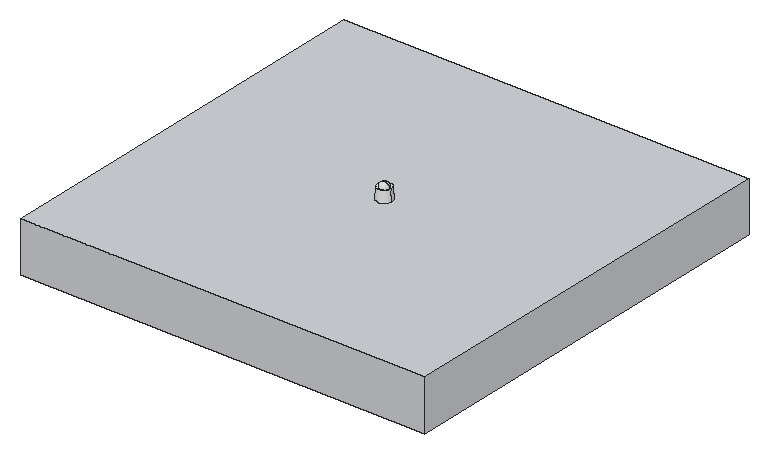
Revit family "Legrand_Gestion_eclairage_Detect_mvt_autonome_360D_Orientable_Mur", category Dispositifs d'éclairage, Revit 2020
Family settings
  Hôte = Face
  Conserver l'orientation des annotations = Oui
  Cote de connecteur circulaire = Utiliser le diamètre
  Type d'élément = Normal
  Couper avec des vides une fois chargée = Non
  Partagée = Non
  Point de calcul de pièce = Non
Parameters
  Zone de detection [instance] = no
  URL = "http://www.legrandoc.com/048898"
  Télécommandable = "non"
  Type de tension = "AC"
  Tension nominale (V) = "230"
  Température (MIN) (°C) = 0
  Température (MAX) (°C) = 55
  Sensibilité réglable = "non"
  Sensibilité lumineuse réglable = "oui"
  Sensibilité lumineuse (MIN) (lx) = 10
  Sensibilité lumineuse (MAX) (lx) = 4000
  Réglage de lumière constante = "oui"
  Product ID = "048898"
  Numéro RAL = "9016"
  Mode de montage = "apparent"
  Indication distance [instance] = 12 mm
  Image du type = PH3.jpg
  Hauteur maxi de montage (m) = "4"
  Gestion alarme = "non"
  Gestion CVC = "non"
  Fréquence (MIN) (Hz) = 50
  Fréquence (MAX) (Hz) = 60
  Fonction variateur intégrée = "non"
  Fabricant = "LEGRAND"
  Exécution = "détecteur de mouvement"
  Etiquette [instance] = no
  Entrée secondaire = "non"
  Elévation par défaut = 2500 mm
  ETIM-5.0 Class = "EC000133"
  Durée d'enclenchement min (s) = "12"
  Durée d'enclenchement max (mn) = "16"
  Description = "PIR INTER DETECT.SAILLIE PACK"
  Courant de démarrage max (A) = "4.2"
  Coupure forcée = "non"
  Couleur = "Blanc"
  Condition Générale d'Utilisation = "https://export.legrand.com/CGU-objets-BIM"
  Code d'assemblage = "D5010200"
  Classe de protection (IP) = "IP55"
  Capacité de coupure max (W) = 1000
  Angle de détection horizontal (MIN) (°) = 0
  Angle de détection horizontal (MAX) (°) = 360
  Adapté pour transmission sans fil = "non"
Reference planes
  plane 1 "Centre (avant/arrière)": y = 0
  plane 2: z = 0
  plane 3 "Centre (gauche/droite)": x = 0
Forms (mm)
  Extrusion 1, solid
    sketch origin (0, 0, 0) x (1, 0, 0) y (0, 1, 0)
      loop
        line (-1219.2, 1219.2) -> (-1219.2, -1219.2) -> (1219.2, -1219.2) -> (1219.2, 1219.2) -> (-1219.2, 1219.2)
    from 0 to -304.8
Dimensions and locks
  aligned and locked: plane 2 to Extrusion 1
  aligned and locked: level to Extrusion 1
  aligned and locked: nested 1 to plane 2
  aligned and locked: plane 3 "Centre (gauche/droite)" to nested 1
  aligned and locked: plane 1 "Centre (avant/arrière)" to nested 1
Nested families
  nested 1: "048898" at (0, 0, 0), type "048898"
  nested 2: "Symbole D" at (0, 0, 0), type "Symbole D"
  nested 3: "Zone de detection 12mx6m- plan" at (0, 0, 0) x (0, 0, 1) z (0, -1, 0), visible <- "Zone de detection", type "Zone de detection 12mx6m- plan"
  nested 4: "Détection 90°" at (0, 213.614, 0), visible <- "Etiquette", Indication distance <- "Indication distance", type "Détection 90°"
    with Indication distance 12 mm
Connectors
  electrical at (0, 0, 0)
    settings: on nested 1, index 1, voltage 230 V, apparent load 0 VA, apparent load phase1 0 VA, apparent load phase2 0 VA, apparent load phase3 0 VA, power factor 1, load classification "Autre", number of poles 1, system type 31, power factor state 1, is connector primary yes, connector utility no, sub classification motor no, connector description ""
Definition of nested family "048898"
  Parameters (values of type "048898")
    Default Elevation = 0 mm
  Reference planes
    plane 1 "Centre (avant/arrière)": y = 0
    plane 2: z = 0
    plane 3 "Centre (gauche/droite)": x = 0
  Forms (mm)
    Revolve 1, solid
      sketch origin (0, 0, 0) x (-1, 0, 0) y (0, 0, -1)
        loop
          line (0, 0) -> (0, -65.2) -> (41, -65.2)
          arc (41, -65.2) -> (43.378, -32.633) -> (44.526, 0) r 865.317
          line (44.526, 0) -> (0, 0)
        axis (0, 0) -> (0, -65.2)
      angle from 0 to 360
    Revolve 2, solid
      sketch origin (0, 0, 0) x (-1, 0, 0) y (0, 0, -1)
        loop
          arc (0, -91.691) -> (18.988, -83.722) -> (27.988, -65.2) r 29.184
          line (27.988, -65.2) -> (0, -65.2) -> (0, -91.691)
        axis (0, -65.2) -> (0, -91.691)
      angle from 0 to 360
  Dimensions and locks
    aligned and locked: level to plane 2
Definition of nested family "Symbole D"
  Reference planes
    plane 1: y = 0
    plane 2: x = 0
  Lines and regions (mm)
    detail lines
      curve 1: spline (0.481, 2.356, 0) -> (0.429, 2.16, 0) -> (0.363, 1.989, 0) -> (0.285, 1.851, 0) -> (0.199, 1.748, 0) -> (0.106, 1.685, 0) -> (0.01, 1.664, 0) -> (-0.085, 1.685, 0) -> (-0.178, 1.748, 0) -> (-0.264, 1.851, 0) -> (-0.342, 1.989, 0) -> (-0.408, 2.16, 0) -> (-0.46, 2.356, 0)
      curve 2: arc (0.821, 3.072, 0) -> (-0.004, 3.293, 0) -> (-0.828, 3.072, 0) r 1.643
      curve 3: arc (-0.64, 2.774, 0) -> (0.004, 2.96, 0) -> (0.648, 2.774, 0) r 1.213
      curve 4: arc (-1.023, 3.436, 0) -> (0.005, 3.717, 0) -> (1.032, 3.436, 0) r 2.018
      curve 5: line (-1.042, 0.262, 0) -> (1.042, 0.262, 0)
      curve 6: arc (-0.945, 0.262, 0) -> (0, 1.008, 0) -> (0.945, 0.262, 0) r 0.972
      curve 7: line (-1.042, 0.262, 0) -> (-1.042, 0, 0)
      curve 8: line (-1.042, 0, 0) -> (1.042, 0, 0)
      curve 9: line (1.042, 0, 0) -> (1.042, 0.262, 0)
  Text (mm)
    text "IR" at (0.939, 0.64, 0)
  Dimensions and locks
    aligned and locked: plane 2 to curve 6
    aligned and locked: plane 1 to curve 8
Definition of nested family "Zone de detection 12mx6m- plan"
  Reference planes
    plane 1 "Centre (avant/arrière)": y = 0
    plane 2: z = 0
    plane 3 "Centre (gauche/droite)": x = 0
  Lines and regions (mm)
    detail lines, in view "Niveau de réf."
      curve 1: line (400, 0, 0) -> (2927.2, 2527.2, 0)
      curve 2: arc (2927.2, 2527.2, 0) -> (3011.608, 2592.038, 0) -> (3109.879, 2632.924, 0) r 409.342
      curve 3: arc (3109.879, 2632.924, 0) -> (4275.757, 2838.269, 0) -> (5456.789, 2919.538, 0) r 11211.689
      curve 4: arc (5456.789, 2919.538, 0) -> (6881.971, 2880.816, 0) -> (8298.546, 2719.687, 0) r 16564.66
      curve 5: arc (8298.546, 2719.687, 0) -> (9437.453, 2438.06, 0) -> (10511.252, 1965.428, 0) r 6820.825
      curve 6: arc (10511.252, 1965.428, 0) -> (11180.294, 1500.429, 0) -> (11735.755, 904.355, 0) r 3827.527
      curve 7: arc (11735.755, 904.355, 0) -> (11907.434, 478.025, 0) -> (11969.614, 22.653, 0) r 1864.588
      curve 8: line (3420, 2700, 0) -> (4225.336, 2208.559, 0)
      curve 9: arc (4225.336, 2208.559, 0) -> (4443.408, 1842.418, 0) -> (4602.014, 1446.869, 0) r 2737.64
      curve 10: arc (4602.014, 1446.869, 0) -> (4685.247, 1148.49, 0) -> (4749.59, 845.475, 0) r 4933.384
      curve 11: arc (4749.59, 845.475, 0) -> (4786.235, 599.45, 0) -> (4808.074, 351.671, 0) r 4149.842
      curve 12: arc (4808.074, 351.671, 0) -> (4816.531, 175.902, 0) -> (4821.522, 0, 0) r 8925.951
      curve 13: line (400, 0, 0) -> (2927.2, -2527.2, 0)
      curve 14: arc (2927.2, -2527.2, 0) -> (3011.608, -2592.038, 0) -> (3109.879, -2632.924, 0) r 409.342
      curve 15: arc (3109.879, -2632.924, 0) -> (4275.757, -2838.269, 0) -> (5456.789, -2919.538, 0) r 11211.689
      curve 16: arc (5456.789, -2919.538, 0) -> (6881.971, -2880.816, 0) -> (8298.546, -2719.687, 0) r 16564.66
      curve 17: arc (8298.546, -2719.687, 0) -> (9437.453, -2438.06, 0) -> (10511.252, -1965.428, 0) r 6820.825
      curve 18: arc (10511.252, -1965.428, 0) -> (11180.294, -1500.429, 0) -> (11735.755, -904.355, 0) r 3827.527
      curve 19: arc (11735.755, -904.355, 0) -> (11913.109, -456.094, 0) -> (11969.614, 22.653, 0) r 1864.588
      curve 20: line (3420, -2700, 0) -> (4225.336, -2208.559, 0)
      curve 21: arc (4225.336, -2208.559, 0) -> (4443.408, -1842.418, 0) -> (4602.014, -1446.869, 0) r 2737.64
      curve 22: arc (4602.014, -1446.869, 0) -> (4685.247, -1148.49, 0) -> (4749.59, -845.475, 0) r 4933.384
      curve 23: arc (4749.59, -845.475, 0) -> (4786.235, -599.45, 0) -> (4808.074, -351.671, 0) r 4149.842
      curve 24: arc (4808.074, -351.671, 0) -> (4816.531, -175.902, 0) -> (4821.522, 0, 0) r 8925.951
Definition of nested family "Détection 90°"
  Parameters (values of type "Détection 90°")
    Indication distance [instance] = 0 mm
  Reference planes
    plane 1: y = 0
    plane 2: x = 0
  Text (mm)
    label "Détection 90°,Indication distancem frontal à 2,5m haut" at (-0.885, 0.234, 0), shows "Indication distance"
